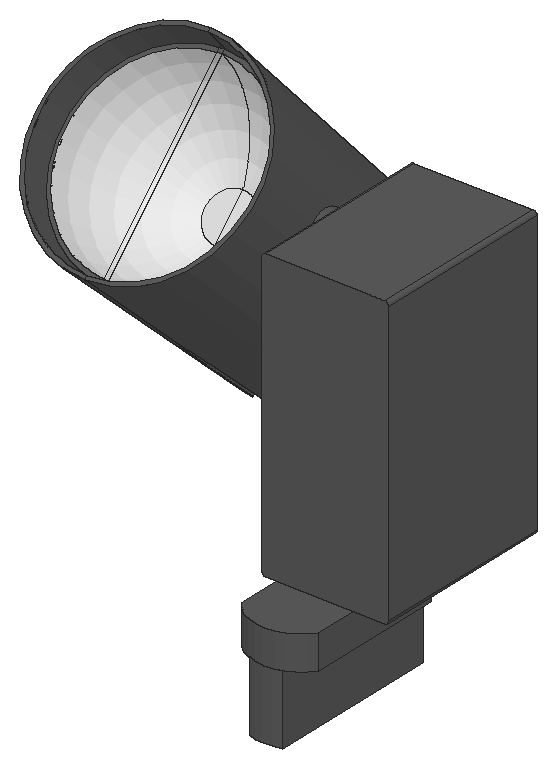
Revit family "0004887 Feilo Sylvania Lighting Fixture START TRACK SPOT S 24W 3K RA90 MB BLACK", category Lighting Fixtures, host Face, Revit 2017 (continued)
Definition of nested family "Start Track Spot Head"
  Types (96, lengths in mm): name | Wattage | built-in parameter 1150134 | Photometric Web File | Model | built-in parameter 1150105 | Lumens | built-in parameter 1150107 | built-in parameter 1150106 | HeadThickness_FEILO | HeadRibOffset_FEILO | HeadRibDepth_FEILO | HeadRibCutWidth_FEILO | HeadRibCutOffset_FEILO | HeadReflectorRadius_FEILO | HeadReflectorOffset_FEILO | HeadLEDRadius_FEILO | HeadHeight_FEILO | HeadDiffusorOffset_FEILO | HeadDiaOut_FEILO | HeadDiaIn_FEILO | HeadAxisFromTop_FEILO | Emit from Circle Diameter | built-in parameter 1150104 | Description | Apparent Load
    0004864 START TRACK SPOT S 24W 3K RA90 WB WHITE | 24 W | (empty or 0) | "0004864.ies" | "START TRACK SPOT S 24W 3K RA90 WB WHITE" | 152.79 (stored number, unit not read) | 1920 lm | 3000 (stored number, unit not read) | 1.5279 (stored number, unit not read) | 1.5 | 4.179 | 55.714 | 7.167 | 50.87 | 50.588 | 55.714 | 9.556 | 117 | 9.435 | 86 | 77.477 | 69.354 | 77.477 | 7.4322 (stored number, unit not read) | "Integrated LED spotlight, Textured White - RAL9016, compact and minimalist design, ideal for retail applications, die-cast aluminium body, passive cooling heatsink. Beam angle: 64°, color temperature: 3000K , total system power: 24W, total fixture output: 1928 lm, LOR: 100%, colour rendering: Ra: 90 typical, LED Chromaticity: 3 step MacAdam ellipse, lifetime: >50000 hours at L70B50, energy class: A++, A+, A, IR/UV free light source without heat radiation, operating voltage: 220-240V / 50-60Hz, drive current: 600mA, electronic driver, non-dimmable, power factor: 0.95, electrical protection: Class II, Global Track 3 Phase adapter suitable for Global trac 3-circuit tracks, ingress protection rating: IP20, suitable for internal environment only, horizontal rotation: 355°, vertical tilt: 90°, dimensions: Ø86x140x200, weight: 0.966kg." | 24 VA
    0004863 START TRACK SPOT S 24W 3K RA90 MB WHITE | 24 W | (empty or 0) | "0004863.ies" | "START TRACK SPOT S 24W 3K RA90 MB WHITE" | 154.7 (stored number, unit not read) | 1944 lm | 3000 (stored number, unit not read) | 1.547 (stored number, unit not read) | 1.5 | 4.179 | 55.714 | 7.167 | 50.87 | 50.588 | 55.714 | 9.556 | 117 | 9.435 | 86 | 77.477 | 69.354 | 77.477 | 7.5251 (stored number, unit not read) | "Integrated LED spotlight, Textured White - RAL9016, compact and minimalist design, ideal for retail applications, die-cast aluminium body, passive cooling heatsink. Beam angle: 36°, color temperature: 3000K , total system power: 24W, total fixture output: 1944 lm, LOR: 100%, colour rendering: Ra: 90 typical, LED Chromaticity: 3 step MacAdam ellipse, lifetime: >50000 hours at L70B50, energy class: A++, A+, A, IR/UV free light source without heat radiation, operating voltage: 220-240V / 50-60Hz, drive current: 600mA, electronic driver, non-dimmable, power factor: 0.95, electrical protection: Class II, Global Track 3 Phase adapter suitable for Global trac 3-circuit tracks, ingress protection rating: IP20, suitable for internal environment only, horizontal rotation: 355°, vertical tilt: 90°, dimensions: Ø86x140x200, weight: 0.966kg." | 24 VA
    0004862 START TRACK SPOT S 24W 3K RA90 NB WHITE | 24 W | (empty or 0) | "0004862.ies" | "START TRACK SPOT S 24W 3K RA90 NB WHITE" | 158.52 (stored number, unit not read) | 1992 lm | 3000 (stored number, unit not read) | 1.5852 (stored number, unit not read) | 1.5 | 4.179 | 55.714 | 7.167 | 50.87 | 50.588 | 55.714 | 9.556 | 117 | 9.435 | 86 | 77.477 | 69.354 | 77.477 | 7.711 (stored number, unit not read) | "Integrated LED spotlight, Textured White - RAL9016, compact and minimalist design, ideal for retail applications, die-cast aluminium body, passive cooling heatsink. Beam angle: 12°, color temperature: 3000K , total system power: 24W, total fixture output: 1987 lm, LOR: 100%, colour rendering: Ra: 90 typical, LED Chromaticity: 3 step MacAdam ellipse, lifetime: >50000 hours at L70B50, energy class: A++, A+, A, IR/UV free light source without heat radiation, operating voltage: 220-240V / 50-60Hz, drive current: 600mA, electronic driver, non-dimmable, power factor: 0.95, electrical protection: Class II, Global Track 3 Phase adapter suitable for Global trac 3-circuit tracks, ingress protection rating: IP20, suitable for internal environment only, horizontal rotation: 355°, vertical tilt: 90°, dimensions: Ø86x140x200, weight: 0.966kg." | 24 VA
    0004861 START TRACK SPOT S 14W 3K RA90 WB WHITE | 14 W | (empty or 0) | "0004861.ies" | "START TRACK SPOT S 14W 3K RA90 WB WHITE" | 100.27 (stored number, unit not read) | 1260 lm | 3000 (stored number, unit not read) | 1.0027 (stored number, unit not read) | 1.5 | 4.179 | 55.714 | 7.167 | 50.87 | 50.588 | 55.714 | 9.556 | 117 | 9.435 | 86 | 77.477 | 69.354 | 77.477 | 8.3613 (stored number, unit not read) | "Integrated LED spotlight, Textured White - RAL9016, compact and minimalist design, ideal for retail applications, die-cast aluminium body, passive cooling heatsink. Beam angle: 64°, color temperature: 3000K , total system power: 14W, total fixture output: 1262 lm, LOR: 100%, colour rendering: Ra: 90 typical, LED Chromaticity: 3 step MacAdam ellipse, lifetime: >50000 hours at L70B50, energy class: A++, A+, A, IR/UV free light source without heat radiation, operating voltage: 220-240V / 50-60Hz, drive current: 350mA, electronic driver, non-dimmable, power factor: 0.92, electrical protection: Class II, Global Track 3 Phase adapter suitable for Global trac 3-circuit tracks, ingress protection rating: IP20, suitable for internal environment only, horizontal rotation: 355°, vertical tilt: 90°, dimensions: Ø86x140x200, weight: 0.940kg." | 14 VA
    0004860 START TRACK SPOT S 14W 3K RA90 MB WHITE | 14 W | (empty or 0) | "0004860.ies" | "START TRACK SPOT S 14W 3K RA90 MB WHITE" | 100.27 (stored number, unit not read) | 1260 lm | 3000 (stored number, unit not read) | 1.0027 (stored number, unit not read) | 1.5 | 4.179 | 55.714 | 7.167 | 50.87 | 50.588 | 55.714 | 9.556 | 117 | 9.435 | 86 | 77.477 | 69.354 | 77.477 | 8.3613 (stored number, unit not read) | "Integrated LED spotlight, Textured White - RAL9016, compact and minimalist design, ideal for retail applications, die-cast aluminium body, passive cooling heatsink. Beam angle: 36°, color temperature: 3000K , total system power: 14W, total fixture output: 1262 lm, LOR: 100%, colour rendering: Ra: 90 typical, LED Chromaticity: 3 step MacAdam ellipse, lifetime: >50000 hours at L70B50, energy class: A++, A+, A, IR/UV free light source without heat radiation, operating voltage: 220-240V / 50-60Hz, drive current: 350mA, electronic driver, non-dimmable, power factor: 0.92, electrical protection: Class II, Global Track 3 Phase adapter suitable for Global trac 3-circuit tracks, ingress protection rating: IP20, suitable for internal environment only, horizontal rotation: 355°, vertical tilt: 90°, dimensions: Ø86x140x200, weight: 0.940kg." | 14 VA
    0004859 START TRACK SPOT S 14W 3K RA90 NB WHITE | 14 W | (empty or 0) | "0004859.ies" | "START TRACK SPOT S 14W 3K RA90 NB WHITE" | 102.5 (stored number, unit not read) | 1288 lm | 3000 (stored number, unit not read) | 1.025 (stored number, unit not read) | 1.5 | 4.179 | 55.714 | 7.167 | 50.87 | 50.588 | 55.714 | 9.556 | 117 | 9.435 | 86 | 77.477 | 69.354 | 77.477 | 8.5471 (stored number, unit not read) | "Integrated LED spotlight, Textured White - RAL9016, compact and minimalist design, ideal for retail applications, die-cast aluminium body, passive cooling heatsink. Beam angle: 12°, color temperature: 3000K , total system power: 14W, total fixture output: 1284 lm, LOR: 100%, colour rendering: Ra: 90 typical, LED Chromaticity: 3 step MacAdam ellipse, lifetime: >50000 hours at L70B50, energy class: A++, A+, A, IR/UV free light source without heat radiation, operating voltage: 220-240V / 50-60Hz, drive current: 350mA, electronic driver, non-dimmable, power factor: 0.92, electrical protection: Class II, Global Track 3 Phase adapter suitable for Global trac 3-circuit tracks, ingress protection rating: IP20, suitable for internal environment only, horizontal rotation: 355°, vertical tilt: 90°, dimensions: Ø86x140x200, weight: 0.940kg." | 14 VA
    0004858 START TRACK SPOT L 55W 4K RA80 WB BLACK | 55 W | 12 | "0004858.ies" | "START TRACK SPOT L 55W 4K RA80 WB BLACK" | 424.55 (stored number, unit not read) | 5335 lm | 4000 (stored number, unit not read) | 4.2455 (stored number, unit not read) | 2 | 4.429 | 59.048 | 9.417 | 53.913 | 66.471 | 59.048 | 12.556 | 124 | 10 | 113 | 101.802 | 73.503 | 101.802 | 9.0116 (stored number, unit not read) | "Integrated LED spotlight, Textured Black - RAL9005, compact and minimalist design, ideal for retail applications, die-cast aluminium body, passive cooling heatsink. Beam angle: 52°, color temperature: 4000K , total system power: 55W, total fixture output: 5320 lm, LOR: 100%, colour rendering: Ra: 80 typical, LED Chromaticity: 3 step MacAdam ellipse, lifetime: >50000 hours at L70B50, energy class: A++, A+, A, IR/UV free light source without heat radiation, operating voltage: 220-240V / 50-60Hz, drive current: 1400mA, electronic driver, non-dimmable, power factor: 0.96, electrical protection: Class II, Global Track 3 Phase adapter suitable for Global trac 3-circuit tracks, ingress protection rating: IP20, suitable for internal environment only, horizontal rotation: 355°, vertical tilt: 90°, dimensions: Ø113x164x240, weight: 1.398kg." | 55 VA
    0004857 START TRACK SPOT L 55W 4K RA80 MB BLACK | 55 W | 12 | "0004857.ies" | "START TRACK SPOT L 55W 4K RA80 MB BLACK" | 428.92 (stored number, unit not read) | 5390 lm | 4000 (stored number, unit not read) | 4.2892 (stored number, unit not read) | 2 | 4.429 | 59.048 | 9.417 | 53.913 | 66.471 | 59.048 | 12.556 | 124 | 10 | 113 | 101.802 | 73.503 | 101.802 | 9.1045 (stored number, unit not read) | "Integrated LED spotlight, Textured Black - RAL9005, compact and minimalist design, ideal for retail applications, die-cast aluminium body, passive cooling heatsink. Beam angle: 38°, color temperature: 4000K , total system power: 55W, total fixture output: 5378 lm, LOR: 100%, colour rendering: Ra: 80 typical, LED Chromaticity: 3 step MacAdam ellipse, lifetime: >50000 hours at L70B50, energy class: A++, A+, A, IR/UV free light source without heat radiation, operating voltage: 220-240V / 50-60Hz, drive current: 1400mA, electronic driver, non-dimmable, power factor: 0.96, electrical protection: Class II, Global Track 3 Phase adapter suitable for Global trac 3-circuit tracks, ingress protection rating: IP20, suitable for internal environment only, horizontal rotation: 355°, vertical tilt: 90°, dimensions: Ø113x164x240, weight: 1.398kg." | 55 VA
    0004856 START TRACK SPOT L 55W 4K RA80 NB BLACK | 55 W | 12 | "0004856.ies" | "START TRACK SPOT L 55W 4K RA80 NB BLACK" | 433.3 (stored number, unit not read) | 5445 lm | 4000 (stored number, unit not read) | 4.333 (stored number, unit not read) | 2 | 4.429 | 59.048 | 9.417 | 53.913 | 66.471 | 59.048 | 12.556 | 124 | 10 | 113 | 101.802 | 73.503 | 101.802 | 9.1974 (stored number, unit not read) | "Integrated LED spotlight, Textured Black - RAL9005, compact and minimalist design, ideal for retail applications, die-cast aluminium body, passive cooling heatsink. Beam angle: 15°, color temperature: 4000K , total system power: 55W, total fixture output: 5426 lm, LOR: 100%, colour rendering: Ra: 80 typical, LED Chromaticity: 3 step MacAdam ellipse, lifetime: >50000 hours at L70B50, energy class: A++, A+, A, IR/UV free light source without heat radiation, operating voltage: 220-240V / 50-60Hz, drive current: 1400mA, electronic driver, non-dimmable, power factor: 0.96, electrical protection: Class II, Global Track 3 Phase adapter suitable for Global trac 3-circuit tracks, ingress protection rating: IP20, suitable for internal environment only, horizontal rotation: 355°, vertical tilt: 90°, dimensions: Ø113x164x240, weight: 1.398kg." | 55 VA
    0004855 START TRACK SPOT L 35W 4K RA80 WB BLACK | 35 W | 12 | "0004855.ies" | "START TRACK SPOT L 35W 4K RA80 WB BLACK" | 320.3 (stored number, unit not read) | 4025 lm | 4000 (stored number, unit not read) | 3.203 (stored number, unit not read) | 2 | 4.429 | 59.048 | 9.417 | 53.913 | 66.471 | 59.048 | 12.556 | 124 | 10 | 113 | 101.802 | 73.503 | 101.802 | 10.684 (stored number, unit not read) | "Integrated LED spotlight, Textured Black - RAL9005, compact and minimalist design, ideal for retail applications, die-cast aluminium body, passive cooling heatsink. Beam angle: 52°, color temperature: 4000K , total system power: 35W, total fixture output: 4010 lm, LOR: 100%, colour rendering: Ra: 80 typical, LED Chromaticity: 3 step MacAdam ellipse, lifetime: >50000 hours at L70B50, energy class: A++, A+, A, IR/UV free light source without heat radiation, operating voltage: 220-240V / 50-60Hz, drive current: 900mA, electronic driver, non-dimmable, power factor: 0.93, electrical protection: Class II, Global Track 3 Phase adapter suitable for Global trac 3-circuit tracks, ingress protection rating: IP20, suitable for internal environment only, horizontal rotation: 355°, vertical tilt: 90°, dimensions: Ø113x164x240, weight: 1.368kg." | 35 VA
    0004854 START TRACK SPOT L 35W 4K RA80 MB BLACK | 35 W | 12 | "0004854.ies" | "START TRACK SPOT L 35W 4K RA80 MB BLACK" | 320.3 (stored number, unit not read) | 4025 lm | 4000 (stored number, unit not read) | 3.203 (stored number, unit not read) | 2 | 4.429 | 59.048 | 9.417 | 53.913 | 66.471 | 59.048 | 12.556 | 124 | 10 | 113 | 101.802 | 73.503 | 101.802 | 10.684 (stored number, unit not read) | "Integrated LED spotlight, Textured Black - RAL9005, compact and minimalist design, ideal for retail applications, die-cast aluminium body, passive cooling heatsink. Beam angle: 38°, color temperature: 4000K , total system power: 35W, total fixture output: 4017 lm, LOR: 100%, colour rendering: Ra: 80 typical, LED Chromaticity: 3 step MacAdam ellipse, lifetime: >50000 hours at L70B50, energy class: A++, A+, A, IR/UV free light source without heat radiation, operating voltage: 220-240V / 50-60Hz, drive current: 900mA, electronic driver, non-dimmable, power factor: 0.93, electrical protection: Class II, Global Track 3 Phase adapter suitable for Global trac 3-circuit tracks, ingress protection rating: IP20, suitable for internal environment only, horizontal rotation: 355°, vertical tilt: 90°, dimensions: Ø113x164x240, weight: 1.368kg." | 35 VA
    0004853 START TRACK SPOT L 35W 4K RA80 NB BLACK | 35 W | 12 | "0004853.ies" | "START TRACK SPOT L 35W 4K RA80 NB BLACK" | 331.44 (stored number, unit not read) | 4165 lm | 4000 (stored number, unit not read) | 3.3144 (stored number, unit not read) | 2 | 4.429 | 59.048 | 9.417 | 53.913 | 66.471 | 59.048 | 12.556 | 124 | 10 | 113 | 101.802 | 73.503 | 101.802 | 11.055 (stored number, unit not read) | "Integrated LED spotlight, Textured Black - RAL9005, compact and minimalist design, ideal for retail applications, die-cast aluminium body, passive cooling heatsink. Beam angle: 15°, color temperature: 4000K , total system power: 35W, total fixture output: 4174 lm, LOR: 100%, colour rendering: Ra: 80 typical, LED Chromaticity: 3 step MacAdam ellipse, lifetime: >50000 hours at L70B50, energy class: A++, A+, A, IR/UV free light source without heat radiation, operating voltage: 220-240V / 50-60Hz, drive current: 900mA, electronic driver, non-dimmable, power factor: 0.93, electrical protection: Class II, Global Track 3 Phase adapter suitable for Global trac 3-circuit tracks, ingress protection rating: IP20, suitable for internal environment only, horizontal rotation: 355°, vertical tilt: 90°, dimensions: Ø113x164x240, weight: 1.368kg." | 35 VA
    0004852 START TRACK SPOT S 24W 4K RA80 WB BLACK | 24 W | 12 | "0004852.ies" | "START TRACK SPOT S 24W 4K RA80 WB BLACK" | 196.72 (stored number, unit not read) | 2472 lm | 4000 (stored number, unit not read) | 1.9672 (stored number, unit not read) | 1.5 | 4.179 | 55.714 | 7.167 | 50.87 | 50.588 | 55.714 | 9.556 | 117 | 9.435 | 86 | 77.477 | 69.354 | 77.477 | 9.569 (stored number, unit not read) | "Integrated LED spotlight, Textured Black - RAL9005, compact and minimalist design, ideal for retail applications, die-cast aluminium body, passive cooling heatsink. Beam angle: 64°, color temperature: 4000K , total system power: 24W, total fixture output: 2476 lm, LOR: 100%, colour rendering: Ra: 80 typical, LED Chromaticity: 3 step MacAdam ellipse, lifetime: >50000 hours at L70B50, energy class: A++, A+, A, IR/UV free light source without heat radiation, operating voltage: 220-240V / 50-60Hz, drive current: 600mA, electronic driver, non-dimmable, power factor: 0.95, electrical protection: Class II, Global Track 3 Phase adapter suitable for Global trac 3-circuit tracks, ingress protection rating: IP20, suitable for internal environment only, horizontal rotation: 355°, vertical tilt: 90°, dimensions: Ø86x140x200, weight: 0.966kg." | 24 VA
    0004851 START TRACK SPOT S 24W 4K RA80 MB BLACK | 24 W | 12 | "0004851.ies" | "START TRACK SPOT S 24W 4K RA80 MB BLACK" | 198.63 (stored number, unit not read) | 2496 lm | 4000 (stored number, unit not read) | 1.9863 (stored number, unit not read) | 1.5 | 4.179 | 55.714 | 7.167 | 50.87 | 50.588 | 55.714 | 9.556 | 117 | 9.435 | 86 | 77.477 | 69.354 | 77.477 | 9.6619 (stored number, unit not read) | "Integrated LED spotlight, Textured Black - RAL9005, compact and minimalist design, ideal for retail applications, die-cast aluminium body, passive cooling heatsink. Beam angle: 36°, color temperature: 4000K , total system power: 24W, total fixture output: 2487 lm, LOR: 100%, colour rendering: Ra: 80 typical, LED Chromaticity: 3 step MacAdam ellipse, lifetime: >50000 hours at L70B50, energy class: A++, A+, A, IR/UV free light source without heat radiation, operating voltage: 220-240V / 50-60Hz, drive current: 600mA, electronic driver, non-dimmable, power factor: 0.95, electrical protection: Class II, Global Track 3 Phase adapter suitable for Global trac 3-circuit tracks, ingress protection rating: IP20, suitable for internal environment only, horizontal rotation: 355°, vertical tilt: 90°, dimensions: Ø86x140x200, weight: 0.966kg." | 24 VA
    0004850 START TRACK SPOT S 24W 4K RA80 NB BLACK | 24 W | 12 | "0004850.ies" | "START TRACK SPOT S 24W 4K RA80 NB BLACK" | 200.54 (stored number, unit not read) | 2520 lm | 4000 (stored number, unit not read) | 2.0054 (stored number, unit not read) | 1.5 | 4.179 | 55.714 | 7.167 | 50.87 | 50.588 | 55.714 | 9.556 | 117 | 9.435 | 86 | 77.477 | 69.354 | 77.477 | 9.7548 (stored number, unit not read) | "Integrated LED spotlight, Textured Black - RAL9005, compact and minimalist design, ideal for retail applications, die-cast aluminium body, passive cooling heatsink. Beam angle: 12°, color temperature: 4000K , total system power: 24W, total fixture output: 2529 lm, LOR: 100%, colour rendering: Ra: 80 typical, LED Chromaticity: 3 step MacAdam ellipse, lifetime: >50000 hours at L70B50, energy class: A++, A+, A, IR/UV free light source without heat radiation, operating voltage: 220-240V / 50-60Hz, drive current: 600mA, electronic driver, non-dimmable, power factor: 0.95, electrical protection: Class II, Global Track 3 Phase adapter suitable for Global trac 3-circuit tracks, ingress protection rating: IP20, suitable for internal environment only, horizontal rotation: 355°, vertical tilt: 90°, dimensions: Ø86x140x200, weight: 0.966kg." | 24 VA
    0004849 START TRACK SPOT S 14W 4K RA80 WB BLACK | 14 W | 12 | "0004849.ies" | "START TRACK SPOT S 14W 4K RA80 WB BLACK" | 123.66 (stored number, unit not read) | 1554 lm | 4000 (stored number, unit not read) | 1.2366 (stored number, unit not read) | 1.5 | 4.179 | 55.714 | 7.167 | 50.87 | 50.588 | 55.714 | 9.556 | 117 | 9.435 | 86 | 77.477 | 69.354 | 77.477 | 10.312 (stored number, unit not read) | "Integrated LED spotlight, Textured Black - RAL9005, compact and minimalist design, ideal for retail applications, die-cast aluminium body, passive cooling heatsink. Beam angle: 64°, color temperature: 4000K , total system power: 14W, total fixture output: 1558 lm, LOR: 100%, colour rendering: Ra: 80 typical, LED Chromaticity: 3 step MacAdam ellipse, lifetime: >50000 hours at L70B50, energy class: A++, A+, A, IR/UV free light source without heat radiation, operating voltage: 220-240V / 50-60Hz, drive current: 350mA, electronic driver, non-dimmable, power factor: 0.92, electrical protection: Class II, Global Track 3 Phase adapter suitable for Global trac 3-circuit tracks, ingress protection rating: IP20, suitable for internal environment only, horizontal rotation: 355°, vertical tilt: 90°, dimensions: Ø86x140x200, weight: 0.940kg." | 14 VA
    0004848 START TRACK SPOT S 14W 4K RA80 MB BLACK | 14 W | 12 | "0004848.ies" | "START TRACK SPOT S 14W 4K RA80 MB BLACK" | 127.01 (stored number, unit not read) | 1596 lm | 4000 (stored number, unit not read) | 1.2701 (stored number, unit not read) | 1.5 | 4.179 | 55.714 | 7.167 | 50.87 | 50.588 | 55.714 | 9.556 | 117 | 9.435 | 86 | 77.477 | 69.354 | 77.477 | 10.591 (stored number, unit not read) | "Integrated LED spotlight, Textured Black - RAL9005, compact and minimalist design, ideal for retail applications, die-cast aluminium body, passive cooling heatsink. Beam angle: 36°, color temperature: 4000K , total system power: 14W, total fixture output: 1598 lm, LOR: 100%, colour rendering: Ra: 80 typical, LED Chromaticity: 3 step MacAdam ellipse, lifetime: >50000 hours at L70B50, energy class: A++, A+, A, IR/UV free light source without heat radiation, operating voltage: 220-240V / 50-60Hz, drive current: 350mA, electronic driver, non-dimmable, power factor: 0.92, electrical protection: Class II, Global Track 3 Phase adapter suitable for Global trac 3-circuit tracks, ingress protection rating: IP20, suitable for internal environment only, horizontal rotation: 355°, vertical tilt: 90°, dimensions: Ø86x140x200, weight: 0.940kg." | 14 VA
    0004847 START TRACK SPOT S 14W 4K RA80 NB BLACK | 14 W | 12 | "0004847.ies" | "START TRACK SPOT S 14W 4K RA80 NB BLACK" | 128.12 (stored number, unit not read) | 1610 lm | 4000 (stored number, unit not read) | 1.2812 (stored number, unit not read) | 1.5 | 4.179 | 55.714 | 7.167 | 50.87 | 50.588 | 55.714 | 9.556 | 117 | 9.435 | 86 | 77.477 | 69.354 | 77.477 | 10.684 (stored number, unit not read) | "Integrated LED spotlight, Textured Black - RAL9005, compact and minimalist design, ideal for retail applications, die-cast aluminium body, passive cooling heatsink. Beam angle: 12°, color temperature: 4000K , total system power: 14W, total fixture output: 1608 lm, LOR: 100%, colour rendering: Ra: 80 typical, LED Chromaticity: 3 step MacAdam ellipse, lifetime: >50000 hours at L70B50, energy class: A++, A+, A, IR/UV free light source without heat radiation, operating voltage: 220-240V / 50-60Hz, drive current: 350mA, electronic driver, non-dimmable, power factor: 0.92, electrical protection: Class II, Global Track 3 Phase adapter suitable for Global trac 3-circuit tracks, ingress protection rating: IP20, suitable for internal environment only, horizontal rotation: 355°, vertical tilt: 90°, dimensions: Ø86x140x200, weight: 0.940kg." | 14 VA
    0004846 START TRACK SPOT L 55W 3K RA80 WB BLACK | 55 W | (empty or 0) | "0004846.ies" | "START TRACK SPOT L 55W 3K RA80 WB BLACK" | 420.17 (stored number, unit not read) | 5280 lm | 3000 (stored number, unit not read) | 4.2017 (stored number, unit not read) | 2 | 4.429 | 59.048 | 9.417 | 53.913 | 66.471 | 59.048 | 12.556 | 124 | 10 | 113 | 101.802 | 73.503 | 101.802 | 8.9187 (stored number, unit not read) | "Integrated LED spotlight, Textured Black - RAL9005, compact and minimalist design, ideal for retail applications, die-cast aluminium body, passive cooling heatsink. Beam angle: 52°, color temperature: 3000K , total system power: 55W, total fixture output: 5298 lm, LOR: 100%, colour rendering: Ra: 80 typical, LED Chromaticity: 3 step MacAdam ellipse, lifetime: >50000 hours at L70B50, energy class: A++, A+, A, IR/UV free light source without heat radiation, operating voltage: 220-240V / 50-60Hz, drive current: 1400mA, electronic driver, non-dimmable, power factor: 0.96, electrical protection: Class II, Global Track 3 Phase adapter suitable for Global trac 3-circuit tracks, ingress protection rating: IP20, suitable for internal environment only, horizontal rotation: 355°, vertical tilt: 90°, dimensions: Ø113x164x240, weight: 1.398kg." | 55 VA
    0004845 START TRACK SPOT L 55W 3K RA80 MB BLACK | 55 W | (empty or 0) | "0004845.ies" | "START TRACK SPOT L 55W 3K RA80 MB BLACK" | 428.92 (stored number, unit not read) | 5390 lm | 3000 (stored number, unit not read) | 4.2892 (stored number, unit not read) | 2 | 4.429 | 59.048 | 9.417 | 53.913 | 66.471 | 59.048 | 12.556 | 124 | 10 | 113 | 101.802 | 73.503 | 101.802 | 9.1045 (stored number, unit not read) | "Integrated LED spotlight, Textured Black - RAL9005, compact and minimalist design, ideal for retail applications, die-cast aluminium body, passive cooling heatsink. Beam angle: 38°, color temperature: 3000K , total system power: 55W, total fixture output: 5381 lm, LOR: 100%, colour rendering: Ra: 80 typical, LED Chromaticity: 3 step MacAdam ellipse, lifetime: >50000 hours at L70B50, energy class: A++, A+, A, IR/UV free light source without heat radiation, operating voltage: 220-240V / 50-60Hz, drive current: 1400mA, electronic driver, non-dimmable, power factor: 0.96, electrical protection: Class II, Global Track 3 Phase adapter suitable for Global trac 3-circuit tracks, ingress protection rating: IP20, suitable for internal environment only, horizontal rotation: 355°, vertical tilt: 90°, dimensions: Ø113x164x240, weight: 1.398kg." | 55 VA
    0004844 START TRACK SPOT L 55W 3K RA80 NB BLACK | 55 W | (empty or 0) | "0004844.ies" | "START TRACK SPOT L 55W 3K RA80 NB BLACK" | 433.3 (stored number, unit not read) | 5445 lm | 3000 (stored number, unit not read) | 4.333 (stored number, unit not read) | 2 | 4.429 | 59.048 | 9.417 | 53.913 | 66.471 | 59.048 | 12.556 | 124 | 10 | 113 | 101.802 | 73.503 | 101.802 | 9.1974 (stored number, unit not read) | "Integrated LED spotlight, Textured Black - RAL9005, compact and minimalist design, ideal for retail applications, die-cast aluminium body, passive cooling heatsink. Beam angle: 15°, color temperature: 3000K , total system power: 55W, total fixture output: 5449 lm, LOR: 100%, colour rendering: Ra: 80 typical, LED Chromaticity: 3 step MacAdam ellipse, lifetime: >50000 hours at L70B50, energy class: A++, A+, A, IR/UV free light source without heat radiation, operating voltage: 220-240V / 50-60Hz, drive current: 1400mA, electronic driver, non-dimmable, power factor: 0.96, electrical protection: Class II, Global Track 3 Phase adapter suitable for Global trac 3-circuit tracks, ingress protection rating: IP20, suitable for internal environment only, horizontal rotation: 355°, vertical tilt: 90°, dimensions: Ø113x164x240, weight: 1.398kg." | 55 VA
    0004843 START TRACK SPOT L 35W 3K RA80 WB BLACK | 35 W | (empty or 0) | "0004843.ies" | "START TRACK SPOT L 35W 3K RA80 WB BLACK" | 314.73 (stored number, unit not read) | 3955 lm | 3000 (stored number, unit not read) | 3.1473 (stored number, unit not read) | 2 | 4.429 | 59.048 | 9.417 | 53.913 | 66.471 | 59.048 | 12.556 | 124 | 10 | 113 | 101.802 | 73.503 | 101.802 | 10.498 (stored number, unit not read) | "Integrated LED spotlight, Textured Black - RAL9005, compact and minimalist design, ideal for retail applications, die-cast aluminium body, passive cooling heatsink. Beam angle: 52°, color temperature: 3000K , total system power: 35W, total fixture output: 3943 lm, LOR: 100%, colour rendering: Ra: 80 typical, LED Chromaticity: 3 step MacAdam ellipse, lifetime: >50000 hours at L70B50, energy class: A++, A+, A, IR/UV free light source without heat radiation, operating voltage: 220-240V / 50-60Hz, drive current: 900mA, electronic driver, non-dimmable, power factor: 0.93, electrical protection: Class II, Global Track 3 Phase adapter suitable for Global trac 3-circuit tracks, ingress protection rating: IP20, suitable for internal environment only, horizontal rotation: 355°, vertical tilt: 90°, dimensions: Ø113x164x240, weight: 1.368kg." | 35 VA
    0004842 START TRACK SPOT L 35W 3K RA80 MB BLACK | 35 W | (empty or 0) | "0004842.ies" | "START TRACK SPOT L 35W 3K RA80 MB BLACK" | 320.3 (stored number, unit not read) | 4025 lm | 3000 (stored number, unit not read) | 3.203 (stored number, unit not read) | 2 | 4.429 | 59.048 | 9.417 | 53.913 | 66.471 | 59.048 | 12.556 | 124 | 10 | 113 | 101.802 | 73.503 | 101.802 | 10.684 (stored number, unit not read) | "Integrated LED spotlight, Textured Black - RAL9005, compact and minimalist design, ideal for retail applications, die-cast aluminium body, passive cooling heatsink. Beam angle: 38°, color temperature: 3000K , total system power: 35W, total fixture output: 4008 lm, LOR: 100%, colour rendering: Ra: 80 typical, LED Chromaticity: 3 step MacAdam ellipse, lifetime: >50000 hours at L70B50, energy class: A++, A+, A, IR/UV free light source without heat radiation, operating voltage: 220-240V / 50-60Hz, drive current: 900mA, electronic driver, non-dimmable, power factor: 0.93, electrical protection: Class II, Global Track 3 Phase adapter suitable for Global trac 3-circuit tracks, ingress protection rating: IP20, suitable for internal environment only, horizontal rotation: 355°, vertical tilt: 90°, dimensions: Ø113x164x240, weight: 1.368kg." | 35 VA
    0004841 START TRACK SPOT L 35W 3K RA80 NB BLACK | 35 W | (empty or 0) | "0004841.ies" | "START TRACK SPOT L 35W 3K RA80 NB BLACK" | 317.51 (stored number, unit not read) | 3990 lm | 3000 (stored number, unit not read) | 3.1751 (stored number, unit not read) | 2 | 4.429 | 59.048 | 9.417 | 53.913 | 66.471 | 59.048 | 12.556 | 124 | 10 | 113 | 101.802 | 73.503 | 101.802 | 10.591 (stored number, unit not read) | "Integrated LED spotlight, Textured Black - RAL9005, compact and minimalist design, ideal for retail applications, die-cast aluminium body, passive cooling heatsink. Beam angle: 15°, color temperature: 3000K , total system power: 35W, total fixture output: 4005 lm, LOR: 100%, colour rendering: Ra: 80 typical, LED Chromaticity: 3 step MacAdam ellipse, lifetime: >50000 hours at L70B50, energy class: A++, A+, A, IR/UV free light source without heat radiation, operating voltage: 220-240V / 50-60Hz, drive current: 900mA, electronic driver, non-dimmable, power factor: 0.93, electrical protection: Class II, Global Track 3 Phase adapter suitable for Global trac 3-circuit tracks, ingress protection rating: IP20, suitable for internal environment only, horizontal rotation: 355°, vertical tilt: 90°, dimensions: Ø113x164x240, weight: 1.368kg." | 35 VA
    0004840 START TRACK SPOT S 24W 3K RA80 WB BLACK | 24 W | (empty or 0) | "0004840.ies" | "START TRACK SPOT S 24W 3K RA80 WB BLACK" | 185.26 (stored number, unit not read) | 2328 lm | 3000 (stored number, unit not read) | 1.8526 (stored number, unit not read) | 1.5 | 4.179 | 55.714 | 7.167 | 50.87 | 50.588 | 55.714 | 9.556 | 117 | 9.435 | 86 | 77.477 | 69.354 | 77.477 | 9.0116 (stored number, unit not read) | "Integrated LED spotlight, Textured Black - RAL9005, compact and minimalist design, ideal for retail applications, die-cast aluminium body, passive cooling heatsink. Beam angle: 64°, color temperature: 3000K , total system power: 24W, total fixture output: 2318 lm, LOR: 100%, colour rendering: Ra: 80 typical, LED Chromaticity: 3 step MacAdam ellipse, lifetime: >50000 hours at L70B50, energy class: A++, A+, A, IR/UV free light source without heat radiation, operating voltage: 220-240V / 50-60Hz, drive current: 600mA, electronic driver, non-dimmable, power factor: 0.95, electrical protection: Class II, Global Track 3 Phase adapter suitable for Global trac 3-circuit tracks, ingress protection rating: IP20, suitable for internal environment only, horizontal rotation: 355°, vertical tilt: 90°, dimensions: Ø86x140x200, weight: 0.966kg." | 24 VA
    0004839 START TRACK SPOT S 24W 3K RA80 MB BLACK | 24 W | (empty or 0) | "0004839.ies" | "START TRACK SPOT S 24W 3K RA80 MB BLACK" | 183.35 (stored number, unit not read) | 2304 lm | 3000 (stored number, unit not read) | 1.8335 (stored number, unit not read) | 1.5 | 4.179 | 55.714 | 7.167 | 50.87 | 50.588 | 55.714 | 9.556 | 117 | 9.435 | 86 | 77.477 | 69.354 | 77.477 | 8.9187 (stored number, unit not read) | "Integrated LED spotlight, Textured Black - RAL9005, compact and minimalist design, ideal for retail applications, die-cast aluminium body, passive cooling heatsink. Beam angle: 36°, color temperature: 3000K , total system power: 24W, total fixture output: 2314 lm, LOR: 100%, colour rendering: Ra: 80 typical, LED Chromaticity: 3 step MacAdam ellipse, lifetime: >50000 hours at L70B50, energy class: A++, A+, A, IR/UV free light source without heat radiation, operating voltage: 220-240V / 50-60Hz, drive current: 600mA, electronic driver, non-dimmable, power factor: 0.95, electrical protection: Class II, Global Track 3 Phase adapter suitable for Global trac 3-circuit tracks, ingress protection rating: IP20, suitable for internal environment only, horizontal rotation: 355°, vertical tilt: 90°, dimensions: Ø86x140x200, weight: 0.966kg." | 24 VA
    0004838 START TRACK SPOT S 24W 3K RA80 NB BLACK | 24 W | (empty or 0) | "0004838.ies" | "START TRACK SPOT S 24W 3K RA80 NB BLACK" | 185.26 (stored number, unit not read) | 2328 lm | 3000 (stored number, unit not read) | 1.8526 (stored number, unit not read) | 1.5 | 4.179 | 55.714 | 7.167 | 50.87 | 50.588 | 55.714 | 9.556 | 117 | 9.435 | 86 | 77.477 | 69.354 | 77.477 | 9.0116 (stored number, unit not read) | "Integrated LED spotlight, Textured Black - RAL9005, compact and minimalist design, ideal for retail applications, die-cast aluminium body, passive cooling heatsink. Beam angle: 12°, color temperature: 3000K , total system power: 24W, total fixture output: 2334 lm, LOR: 100%, colour rendering: Ra: 80 typical, LED Chromaticity: 3 step MacAdam ellipse, lifetime: >50000 hours at L70B50, energy class: A++, A+, A, IR/UV free light source without heat radiation, operating voltage: 220-240V / 50-60Hz, drive current: 600mA, electronic driver, non-dimmable, power factor: 0.95, electrical protection: Class II, Global Track 3 Phase adapter suitable for Global trac 3-circuit tracks, ingress protection rating: IP20, suitable for internal environment only, horizontal rotation: 355°, vertical tilt: 90°, dimensions: Ø86x140x200, weight: 0.966kg." | 24 VA
    0004837 START TRACK SPOT S 14W 3K RA80 WB BLACK | 14 W | (empty or 0) | "0004837.ies" | "START TRACK SPOT S 14W 3K RA80 WB BLACK" | 119.21 (stored number, unit not read) | 1498 lm | 3000 (stored number, unit not read) | 1.1921 (stored number, unit not read) | 1.5 | 4.179 | 55.714 | 7.167 | 50.87 | 50.588 | 55.714 | 9.556 | 117 | 9.435 | 86 | 77.477 | 69.354 | 77.477 | 9.9406 (stored number, unit not read) | "Integrated LED spotlight, Textured Black - RAL9005, compact and minimalist design, ideal for retail applications, die-cast aluminium body, passive cooling heatsink. Beam angle: 64°, color temperature: 3000K , total system power: 14W, total fixture output: 1498 lm, LOR: 100%, colour rendering: Ra: 80 typical, LED Chromaticity: 3 step MacAdam ellipse, lifetime: >50000 hours at L70B50, energy class: A++, A+, A, IR/UV free light source without heat radiation, operating voltage: 220-240V / 50-60Hz, drive current: 350mA, electronic driver, non-dimmable, power factor: 0.92, electrical protection: Class II, Global Track 3 Phase adapter suitable for Global trac 3-circuit tracks, ingress protection rating: IP20, suitable for internal environment only, horizontal rotation: 355°, vertical tilt: 90°, dimensions: Ø86x140x200, weight: 0.940kg." | 14 VA
    0004836 START TRACK SPOT S 14W 3K RA80 MB BLACK | 14 W | (empty or 0) | "0004836.ies" | "START TRACK SPOT S 14W 3K RA80 MB BLACK" | 120.32 (stored number, unit not read) | 1512 lm | 3000 (stored number, unit not read) | 1.2032 (stored number, unit not read) | 1.5 | 4.179 | 55.714 | 7.167 | 50.87 | 50.588 | 55.714 | 9.556 | 117 | 9.435 | 86 | 77.477 | 69.354 | 77.477 | 10.034 (stored number, unit not read) | "Integrated LED spotlight, Textured Black - RAL9005, compact and minimalist design, ideal for retail applications, die-cast aluminium body, passive cooling heatsink. Beam angle: 36°, color temperature: 3000K , total system power: 14W, total fixture output: 1508 lm, LOR: 100%, colour rendering: Ra: 80 typical, LED Chromaticity: 3 step MacAdam ellipse, lifetime: >50000 hours at L70B50, energy class: A++, A+, A, IR/UV free light source without heat radiation, operating voltage: 220-240V / 50-60Hz, drive current: 350mA, electronic driver, non-dimmable, power factor: 0.92, electrical protection: Class II, Global Track 3 Phase adapter suitable for Global trac 3-circuit tracks, ingress protection rating: IP20, suitable for internal environment only, horizontal rotation: 355°, vertical tilt: 90°, dimensions: Ø86x140x200, weight: 0.940kg." | 14 VA
    0004835 START TRACK SPOT S 14W 3K RA80 NB BLACK | 14 W | (empty or 0) | "0004835.ies" | "START TRACK SPOT S 14W 3K RA80 NB BLACK" | 123.66 (stored number, unit not read) | 1554 lm | 3000 (stored number, unit not read) | 1.2366 (stored number, unit not read) | 1.5 | 4.179 | 55.714 | 7.167 | 50.87 | 50.588 | 55.714 | 9.556 | 117 | 9.435 | 86 | 77.477 | 69.354 | 77.477 | 10.312 (stored number, unit not read) | "Integrated LED spotlight, Textured Black - RAL9005, compact and minimalist design, ideal for retail applications, die-cast aluminium body, passive cooling heatsink. Beam angle: 12°, color temperature: 3000K , total system power: 14W, total fixture output: 1551 lm, LOR: 100%, colour rendering: Ra: 80 typical, LED Chromaticity: 3 step MacAdam ellipse, lifetime: >50000 hours at L70B50, energy class: A++, A+, A, IR/UV free light source without heat radiation, operating voltage: 220-240V / 50-60Hz, drive current: 350mA, electronic driver, non-dimmable, power factor: 0.92, electrical protection: Class II, Global Track 3 Phase adapter suitable for Global trac 3-circuit tracks, ingress protection rating: IP20, suitable for internal environment only, horizontal rotation: 355°, vertical tilt: 90°, dimensions: Ø86x140x200, weight: 0.940kg." | 14 VA
    0004834 START TRACK SPOT L 55W 4K RA80 WB WHITE | 55 W | 12 | "0004834.ies" | "START TRACK SPOT L 55W 4K RA80 WB WHITE" | 424.55 (stored number, unit not read) | 5335 lm | 4000 (stored number, unit not read) | 4.2455 (stored number, unit not read) | 2 | 4.429 | 59.048 | 9.417 | 53.913 | 66.471 | 59.048 | 12.556 | 124 | 10 | 113 | 101.802 | 73.503 | 101.802 | 9.0116 (stored number, unit not read) | "Integrated LED spotlight, Textured White - RAL9016, compact and minimalist design, ideal for retail applications, die-cast aluminium body, passive cooling heatsink. Beam angle: 52°, color temperature: 4000K , total system power: 55W, total fixture output: 5320 lm, LOR: 100%, colour rendering: Ra: 80 typical, LED Chromaticity: 3 step MacAdam ellipse, lifetime: >50000 hours at L70B50, energy class: A++, A+, A, IR/UV free light source without heat radiation, operating voltage: 220-240V / 50-60Hz, drive current: 1400mA, electronic driver, non-dimmable, power factor: 0.96, electrical protection: Class II, Global Track 3 Phase adapter suitable for Global trac 3-circuit tracks, ingress protection rating: IP20, suitable for internal environment only, horizontal rotation: 355°, vertical tilt: 90°, dimensions: Ø113x164x240, weight: 1.398kg." | 55 VA
    0004833 START TRACK SPOT L 55W 4K RA80 MB WHITE | 55 W | 12 | "0004833.ies" | "START TRACK SPOT L 55W 4K RA80 MB WHITE" | 428.92 (stored number, unit not read) | 5390 lm | 4000 (stored number, unit not read) | 4.2892 (stored number, unit not read) | 2 | 4.429 | 59.048 | 9.417 | 53.913 | 66.471 | 59.048 | 12.556 | 124 | 10 | 113 | 101.802 | 73.503 | 101.802 | 9.1045 (stored number, unit not read) | "Integrated LED spotlight, Textured White - RAL9016, compact and minimalist design, ideal for retail applications, die-cast aluminium body, passive cooling heatsink. Beam angle: 38°, color temperature: 4000K , total system power: 55W, total fixture output: 5378 lm, LOR: 100%, colour rendering: Ra: 80 typical, LED Chromaticity: 3 step MacAdam ellipse, lifetime: >50000 hours at L70B50, energy class: A++, A+, A, IR/UV free light source without heat radiation, operating voltage: 220-240V / 50-60Hz, drive current: 1400mA, electronic driver, non-dimmable, power factor: 0.96, electrical protection: Class II, Global Track 3 Phase adapter suitable for Global trac 3-circuit tracks, ingress protection rating: IP20, suitable for internal environment only, horizontal rotation: 355°, vertical tilt: 90°, dimensions: Ø113x164x240, weight: 1.398kg." | 55 VA
    0004832 START TRACK SPOT L 55W 4K RA80 NB WHITE | 55 W | 12 | "0004832.ies" | "START TRACK SPOT L 55W 4K RA80 NB WHITE" | 433.3 (stored number, unit not read) | 5445 lm | 4000 (stored number, unit not read) | 4.333 (stored number, unit not read) | 2 | 4.429 | 59.048 | 9.417 | 53.913 | 66.471 | 59.048 | 12.556 | 124 | 10 | 113 | 101.802 | 73.503 | 101.802 | 9.1974 (stored number, unit not read) | "Integrated LED spotlight, Textured White - RAL9016, compact and minimalist design, ideal for retail applications, die-cast aluminium body, passive cooling heatsink. Beam angle: 15°, color temperature: 4000K , total system power: 55W, total fixture output: 5426 lm, LOR: 100%, colour rendering: Ra: 80 typical, LED Chromaticity: 3 step MacAdam ellipse, lifetime: >50000 hours at L70B50, energy class: A++, A+, A, IR/UV free light source without heat radiation, operating voltage: 220-240V / 50-60Hz, drive current: 1400mA, electronic driver, non-dimmable, power factor: 0.96, electrical protection: Class II, Global Track 3 Phase adapter suitable for Global trac 3-circuit tracks, ingress protection rating: IP20, suitable for internal environment only, horizontal rotation: 355°, vertical tilt: 90°, dimensions: Ø113x164x240, weight: 1.398kg." | 55 VA
    0004831 START TRACK SPOT L 35W 4K RA80 WB WHITE | 35 W | 12 | "0004831.ies" | "START TRACK SPOT L 35W 4K RA80 WB WHITE" | 320.3 (stored number, unit not read) | 4025 lm | 4000 (stored number, unit not read) | 3.203 (stored number, unit not read) | 2 | 4.429 | 59.048 | 9.417 | 53.913 | 66.471 | 59.048 | 12.556 | 124 | 10 | 113 | 101.802 | 73.503 | 101.802 | 10.684 (stored number, unit not read) | "Integrated LED spotlight, Textured White - RAL9016, compact and minimalist design, ideal for retail applications, die-cast aluminium body, passive cooling heatsink. Beam angle: 52°, color temperature: 4000K , total system power: 35W, total fixture output: 4010 lm, LOR: 100%, colour rendering: Ra: 80 typical, LED Chromaticity: 3 step MacAdam ellipse, lifetime: >50000 hours at L70B50, energy class: A++, A+, A, IR/UV free light source without heat radiation, operating voltage: 220-240V / 50-60Hz, drive current: 900mA, electronic driver, non-dimmable, power factor: 0.93, electrical protection: Class II, Global Track 3 Phase adapter suitable for Global trac 3-circuit tracks, ingress protection rating: IP20, suitable for internal environment only, horizontal rotation: 355°, vertical tilt: 90°, dimensions: Ø113x164x240, weight: 1.368kg." | 35 VA
    0004830 START TRACK SPOT L 35W 4K RA80 MB WHITE | 35 W | 12 | "0004830.ies" | "START TRACK SPOT L 35W 4K RA80 MB WHITE" | 320.3 (stored number, unit not read) | 4025 lm | 4000 (stored number, unit not read) | 3.203 (stored number, unit not read) | 2 | 4.429 | 59.048 | 9.417 | 53.913 | 66.471 | 59.048 | 12.556 | 124 | 10 | 113 | 101.802 | 73.503 | 101.802 | 10.684 (stored number, unit not read) | "Integrated LED spotlight, Textured White - RAL9016, compact and minimalist design, ideal for retail applications, die-cast aluminium body, passive cooling heatsink. Beam angle: 38°, color temperature: 4000K , total system power: 35W, total fixture output: 4017 lm, LOR: 100%, colour rendering: Ra: 80 typical, LED Chromaticity: 3 step MacAdam ellipse, lifetime: >50000 hours at L70B50, energy class: A++, A+, A, IR/UV free light source without heat radiation, operating voltage: 220-240V / 50-60Hz, drive current: 900mA, electronic driver, non-dimmable, power factor: 0.93, electrical protection: Class II, Global Track 3 Phase adapter suitable for Global trac 3-circuit tracks, ingress protection rating: IP20, suitable for internal environment only, horizontal rotation: 355°, vertical tilt: 90°, dimensions: Ø113x164x240, weight: 1.368kg." | 35 VA
    0004829 START TRACK SPOT L 35W 4K RA80 NB WHITE | 35 W | 12 | "0004829.ies" | "START TRACK SPOT L 35W 4K RA80 NB WHITE" | 331.44 (stored number, unit not read) | 4165 lm | 4000 (stored number, unit not read) | 3.3144 (stored number, unit not read) | 2 | 4.429 | 59.048 | 9.417 | 53.913 | 66.471 | 59.048 | 12.556 | 124 | 10 | 113 | 101.802 | 73.503 | 101.802 | 11.055 (stored number, unit not read) | "Integrated LED spotlight, Textured White - RAL9016, compact and minimalist design, ideal for retail applications, die-cast aluminium body, passive cooling heatsink. Beam angle: 15°, color temperature: 4000K , total system power: 35W, total fixture output: 4174 lm, LOR: 100%, colour rendering: Ra: 80 typical, LED Chromaticity: 3 step MacAdam ellipse, lifetime: >50000 hours at L70B50, energy class: A++, A+, A, IR/UV free light source without heat radiation, operating voltage: 220-240V / 50-60Hz, drive current: 900mA, electronic driver, non-dimmable, power factor: 0.93, electrical protection: Class II, Global Track 3 Phase adapter suitable for Global trac 3-circuit tracks, ingress protection rating: IP20, suitable for internal environment only, horizontal rotation: 355°, vertical tilt: 90°, dimensions: Ø113x164x240, weight: 1.368kg." | 35 VA
    0004828 START TRACK SPOT S 24W 4K RA80 WB WHITE | 24 W | 12 | "0004828.ies" | "START TRACK SPOT S 24W 4K RA80 WB WHITE" | 196.72 (stored number, unit not read) | 2472 lm | 4000 (stored number, unit not read) | 1.9672 (stored number, unit not read) | 1.5 | 4.179 | 55.714 | 7.167 | 50.87 | 50.588 | 55.714 | 9.556 | 117 | 9.435 | 86 | 77.477 | 69.354 | 77.477 | 9.569 (stored number, unit not read) | "Integrated LED spotlight, Textured White - RAL9016, compact and minimalist design, ideal for retail applications, die-cast aluminium body, passive cooling heatsink. Beam angle: 64°, color temperature: 4000K , total system power: 24W, total fixture output: 2476 lm, LOR: 100%, colour rendering: Ra: 80 typical, LED Chromaticity: 3 step MacAdam ellipse, lifetime: >50000 hours at L70B50, energy class: A++, A+, A, IR/UV free light source without heat radiation, operating voltage: 220-240V / 50-60Hz, drive current: 600mA, electronic driver, non-dimmable, power factor: 0.95, electrical protection: Class II, Global Track 3 Phase adapter suitable for Global trac 3-circuit tracks, ingress protection rating: IP20, suitable for internal environment only, horizontal rotation: 355°, vertical tilt: 90°, dimensions: Ø86x140x200, weight: 0.966kg." | 24 VA
    0004827 START TRACK SPOT S 24W 4K RA80 MB WHITE | 24 W | 12 | "0004827.ies" | "START TRACK SPOT S 24W 4K RA80 MB WHITE" | 198.63 (stored number, unit not read) | 2496 lm | 4000 (stored number, unit not read) | 1.9863 (stored number, unit not read) | 1.5 | 4.179 | 55.714 | 7.167 | 50.87 | 50.588 | 55.714 | 9.556 | 117 | 9.435 | 86 | 77.477 | 69.354 | 77.477 | 9.6619 (stored number, unit not read) | "Integrated LED spotlight, Textured White - RAL9016, compact and minimalist design, ideal for retail applications, die-cast aluminium body, passive cooling heatsink. Beam angle: 36°, color temperature: 4000K , total system power: 24W, total fixture output: 2487 lm, LOR: 100%, colour rendering: Ra: 80 typical, LED Chromaticity: 3 step MacAdam ellipse, lifetime: >50000 hours at L70B50, energy class: A++, A+, A, IR/UV free light source without heat radiation, operating voltage: 220-240V / 50-60Hz, drive current: 600mA, electronic driver, non-dimmable, power factor: 0.95, electrical protection: Class II, Global Track 3 Phase adapter suitable for Global trac 3-circuit tracks, ingress protection rating: IP20, suitable for internal environment only, horizontal rotation: 355°, vertical tilt: 90°, dimensions: Ø86x140x200, weight: 0.966kg." | 24 VA
    0004826 START TRACK SPOT S 24W 4K RA80 NB WHITE | 24 W | 12 | "0004826.ies" | "START TRACK SPOT S 24W 4K RA80 NB WHITE" | 200.54 (stored number, unit not read) | 2520 lm | 4000 (stored number, unit not read) | 2.0054 (stored number, unit not read) | 1.5 | 4.179 | 55.714 | 7.167 | 50.87 | 50.588 | 55.714 | 9.556 | 117 | 9.435 | 86 | 77.477 | 69.354 | 77.477 | 9.7548 (stored number, unit not read) | "Integrated LED spotlight, Textured White - RAL9016, compact and minimalist design, ideal for retail applications, die-cast aluminium body, passive cooling heatsink. Beam angle: 12°, color temperature: 4000K , total system power: 24W, total fixture output: 2529 lm, LOR: 100%, colour rendering: Ra: 80 typical, LED Chromaticity: 3 step MacAdam ellipse, lifetime: >50000 hours at L70B50, energy class: A++, A+, A, IR/UV free light source without heat radiation, operating voltage: 220-240V / 50-60Hz, drive current: 600mA, electronic driver, non-dimmable, power factor: 0.95, electrical protection: Class II, Global Track 3 Phase adapter suitable for Global trac 3-circuit tracks, ingress protection rating: IP20, suitable for internal environment only, horizontal rotation: 355°, vertical tilt: 90°, dimensions: Ø86x140x200, weight: 0.966kg." | 24 VA
    0004825 START TRACK SPOT S 14W 4K RA80 WB WHITE | 14 W | 12 | "0004825.ies" | "START TRACK SPOT S 14W 4K RA80 WB WHITE" | 123.66 (stored number, unit not read) | 1554 lm | 4000 (stored number, unit not read) | 1.2366 (stored number, unit not read) | 1.5 | 4.179 | 55.714 | 7.167 | 50.87 | 50.588 | 55.714 | 9.556 | 117 | 9.435 | 86 | 77.477 | 69.354 | 77.477 | 10.312 (stored number, unit not read) | "Integrated LED spotlight, Textured White - RAL9016, compact and minimalist design, ideal for retail applications, die-cast aluminium body, passive cooling heatsink. Beam angle: 64°, color temperature: 4000K , total system power: 14W, total fixture output: 1558 lm, LOR: 100%, colour rendering: Ra: 80 typical, LED Chromaticity: 3 step MacAdam ellipse, lifetime: >50000 hours at L70B50, energy class: A++, A+, A, IR/UV free light source without heat radiation, operating voltage: 220-240V / 50-60Hz, drive current: 350mA, electronic driver, non-dimmable, power factor: 0.92, electrical protection: Class II, Global Track 3 Phase adapter suitable for Global trac 3-circuit tracks, ingress protection rating: IP20, suitable for internal environment only, horizontal rotation: 355°, vertical tilt: 90°, dimensions: Ø86x140x200, weight: 0.940kg." | 14 VA
    0004824 START TRACK SPOT S 14W 4K RA80 MB WHITE | 14 W | 12 | "0004824.ies" | "START TRACK SPOT S 14W 4K RA80 MB WHITE" | 127.01 (stored number, unit not read) | 1596 lm | 4000 (stored number, unit not read) | 1.2701 (stored number, unit not read) | 1.5 | 4.179 | 55.714 | 7.167 | 50.87 | 50.588 | 55.714 | 9.556 | 117 | 9.435 | 86 | 77.477 | 69.354 | 77.477 | 10.591 (stored number, unit not read) | "Integrated LED spotlight, Textured White - RAL9016, compact and minimalist design, ideal for retail applications, die-cast aluminium body, passive cooling heatsink. Beam angle: 36°, color temperature: 4000K , total system power: 14W, total fixture output: 1598 lm, LOR: 100%, colour rendering: Ra: 80 typical, LED Chromaticity: 3 step MacAdam ellipse, lifetime: >50000 hours at L70B50, energy class: A++, A+, A, IR/UV free light source without heat radiation, operating voltage: 220-240V / 50-60Hz, drive current: 350mA, electronic driver, non-dimmable, power factor: 0.92, electrical protection: Class II, Global Track 3 Phase adapter suitable for Global trac 3-circuit tracks, ingress protection rating: IP20, suitable for internal environment only, horizontal rotation: 355°, vertical tilt: 90°, dimensions: Ø86x140x200, weight: 0.940kg." | 14 VA
    0004823 START TRACK SPOT S 14W 4K RA80 NB WHITE | 14 W | 12 | "0004823.ies" | "START TRACK SPOT S 14W 4K RA80 NB WHITE" | 128.12 (stored number, unit not read) | 1610 lm | 4000 (stored number, unit not read) | 1.2812 (stored number, unit not read) | 1.5 | 4.179 | 55.714 | 7.167 | 50.87 | 50.588 | 55.714 | 9.556 | 117 | 9.435 | 86 | 77.477 | 69.354 | 77.477 | 10.684 (stored number, unit not read) | "Integrated LED spotlight, Textured White - RAL9016, compact and minimalist design, ideal for retail applications, die-cast aluminium body, passive cooling heatsink. Beam angle: 12°, color temperature: 4000K , total system power: 14W, total fixture output: 1608 lm, LOR: 100%, colour rendering: Ra: 80 typical, LED Chromaticity: 3 step MacAdam ellipse, lifetime: >50000 hours at L70B50, energy class: A++, A+, A, IR/UV free light source without heat radiation, operating voltage: 220-240V / 50-60Hz, drive current: 350mA, electronic driver, non-dimmable, power factor: 0.92, electrical protection: Class II, Global Track 3 Phase adapter suitable for Global trac 3-circuit tracks, ingress protection rating: IP20, suitable for internal environment only, horizontal rotation: 355°, vertical tilt: 90°, dimensions: Ø86x140x200, weight: 0.940kg." | 14 VA
    0004822 START TRACK SPOT L 55W 3K RA80 WB WHITE | 55 W | (empty or 0) | "0004822.ies" | "START TRACK SPOT L 55W 3K RA80 WB WHITE" | 420.17 (stored number, unit not read) | 5280 lm | 3000 (stored number, unit not read) | 4.2017 (stored number, unit not read) | 2 | 4.429 | 59.048 | 9.417 | 53.913 | 66.471 | 59.048 | 12.556 | 124 | 10 | 113 | 101.802 | 73.503 | 101.802 | 8.9187 (stored number, unit not read) | "Integrated LED spotlight, Textured White - RAL9016, compact and minimalist design, ideal for retail applications, die-cast aluminium body, passive cooling heatsink. Beam angle: 52°, color temperature: 3000K , total system power: 55W, total fixture output: 5298 lm, LOR: 100%, colour rendering: Ra: 80 typical, LED Chromaticity: 3 step MacAdam ellipse, lifetime: >50000 hours at L70B50, energy class: A++, A+, A, IR/UV free light source without heat radiation, operating voltage: 220-240V / 50-60Hz, drive current: 1400mA, electronic driver, non-dimmable, power factor: 0.96, electrical protection: Class II, Global Track 3 Phase adapter suitable for Global trac 3-circuit tracks, ingress protection rating: IP20, suitable for internal environment only, horizontal rotation: 355°, vertical tilt: 90°, dimensions: Ø113x164x240, weight: 1.398kg." | 55 VA
    0004821 START TRACK SPOT L 55W 3K RA80 MB WHITE | 55 W | (empty or 0) | "0004821.ies" | "START TRACK SPOT L 55W 3K RA80 MB WHITE" | 428.92 (stored number, unit not read) | 5390 lm | 3000 (stored number, unit not read) | 4.2892 (stored number, unit not read) | 2 | 4.429 | 59.048 | 9.417 | 53.913 | 66.471 | 59.048 | 12.556 | 124 | 10 | 113 | 101.802 | 73.503 | 101.802 | 9.1045 (stored number, unit not read) | "Integrated LED spotlight, Textured White - RAL9016, compact and minimalist design, ideal for retail applications, die-cast aluminium body, passive cooling heatsink. Beam angle: 38°, color temperature: 3000K , total system power: 55W, total fixture output: 5381 lm, LOR: 100%, colour rendering: Ra: 80 typical, LED Chromaticity: 3 step MacAdam ellipse, lifetime: >50000 hours at L70B50, energy class: A++, A+, A, IR/UV free light source without heat radiation, operating voltage: 220-240V / 50-60Hz, drive current: 1400mA, electronic driver, non-dimmable, power factor: 0.96, electrical protection: Class II, Global Track 3 Phase adapter suitable for Global trac 3-circuit tracks, ingress protection rating: IP20, suitable for internal environment only, horizontal rotation: 355°, vertical tilt: 90°, dimensions: Ø113x164x240, weight: 1.398kg." | 55 VA
    0004820 START TRACK SPOT L 55W 3K RA80 NB WHITE | 55 W | (empty or 0) | "0004820.ies" | "START TRACK SPOT L 55W 3K RA80 NB WHITE" | 433.3 (stored number, unit not read) | 5445 lm | 3000 (stored number, unit not read) | 4.333 (stored number, unit not read) | 2 | 4.429 | 59.048 | 9.417 | 53.913 | 66.471 | 59.048 | 12.556 | 124 | 10 | 113 | 101.802 | 73.503 | 101.802 | 9.1974 (stored number, unit not read) | "Integrated LED spotlight, Textured White - RAL9016, compact and minimalist design, ideal for retail applications, die-cast aluminium body, passive cooling heatsink. Beam angle: 15°, color temperature: 3000K , total system power: 55W, total fixture output: 5449 lm, LOR: 100%, colour rendering: Ra: 80 typical, LED Chromaticity: 3 step MacAdam ellipse, lifetime: >50000 hours at L70B50, energy class: A++, A+, A, IR/UV free light source without heat radiation, operating voltage: 220-240V / 50-60Hz, drive current: 1400mA, electronic driver, non-dimmable, power factor: 0.96, electrical protection: Class II, Global Track 3 Phase adapter suitable for Global trac 3-circuit tracks, ingress protection rating: IP20, suitable for internal environment only, horizontal rotation: 355°, vertical tilt: 90°, dimensions: Ø113x164x240, weight: 1.398kg." | 55 VA
    0004819 START TRACK SPOT L 35W 3K RA80 WB WHITE | 35 W | (empty or 0) | "0004819.ies" | "START TRACK SPOT L 35W 3K RA80 WB WHITE" | 314.73 (stored number, unit not read) | 3955 lm | 3000 (stored number, unit not read) | 3.1473 (stored number, unit not read) | 2 | 4.429 | 59.048 | 9.417 | 53.913 | 66.471 | 59.048 | 12.556 | 124 | 10 | 113 | 101.802 | 73.503 | 101.802 | 10.498 (stored number, unit not read) | "Integrated LED spotlight, Textured White - RAL9016, compact and minimalist design, ideal for retail applications, die-cast aluminium body, passive cooling heatsink. Beam angle: 52°, color temperature: 3000K , total system power: 35W, total fixture output: 3943 lm, LOR: 100%, colour rendering: Ra: 80 typical, LED Chromaticity: 3 step MacAdam ellipse, lifetime: >50000 hours at L70B50, energy class: A++, A+, A, IR/UV free light source without heat radiation, operating voltage: 220-240V / 50-60Hz, drive current: 900mA, electronic driver, non-dimmable, power factor: 0.93, electrical protection: Class II, Global Track 3 Phase adapter suitable for Global trac 3-circuit tracks, ingress protection rating: IP20, suitable for internal environment only, horizontal rotation: 355°, vertical tilt: 90°, dimensions: Ø113x164x240, weight: 1.368kg." | 35 VA
    0004818 START TRACK SPOT L 35W 3K RA80 MB WHITE | 35 W | (empty or 0) | "0004818.ies" | "START TRACK SPOT L 35W 3K RA80 MB WHITE" | 320.3 (stored number, unit not read) | 4025 lm | 3000 (stored number, unit not read) | 3.203 (stored number, unit not read) | 2 | 4.429 | 59.048 | 9.417 | 53.913 | 66.471 | 59.048 | 12.556 | 124 | 10 | 113 | 101.802 | 73.503 | 101.802 | 10.684 (stored number, unit not read) | "Integrated LED spotlight, Textured White - RAL9016, compact and minimalist design, ideal for retail applications, die-cast aluminium body, passive cooling heatsink. Beam angle: 38°, color temperature: 3000K , total system power: 35W, total fixture output: 4008 lm, LOR: 100%, colour rendering: Ra: 80 typical, LED Chromaticity: 3 step MacAdam ellipse, lifetime: >50000 hours at L70B50, energy class: A++, A+, A, IR/UV free light source without heat radiation, operating voltage: 220-240V / 50-60Hz, drive current: 900mA, electronic driver, non-dimmable, power factor: 0.93, electrical protection: Class II, Global Track 3 Phase adapter suitable for Global trac 3-circuit tracks, ingress protection rating: IP20, suitable for internal environment only, horizontal rotation: 355°, vertical tilt: 90°, dimensions: Ø113x164x240, weight: 1.368kg." | 35 VA
    0004817 START TRACK SPOT L 35W 3K RA80 NB WHITE | 35 W | (empty or 0) | "0004817.ies" | "START TRACK SPOT L 35W 3K RA80 NB WHITE" | 317.51 (stored number, unit not read) | 3990 lm | 3000 (stored number, unit not read) | 3.1751 (stored number, unit not read) | 2 | 4.429 | 59.048 | 9.417 | 53.913 | 66.471 | 59.048 | 12.556 | 124 | 10 | 113 | 101.802 | 73.503 | 101.802 | 10.591 (stored number, unit not read) | "Integrated LED spotlight, Textured White - RAL9016, compact and minimalist design, ideal for retail applications, die-cast aluminium body, passive cooling heatsink. Beam angle: 15°, color temperature: 3000K , total system power: 35W, total fixture output: 4005 lm, LOR: 100%, colour rendering: Ra: 80 typical, LED Chromaticity: 3 step MacAdam ellipse, lifetime: >50000 hours at L70B50, energy class: A++, A+, A, IR/UV free light source without heat radiation, operating voltage: 220-240V / 50-60Hz, drive current: 900mA, electronic driver, non-dimmable, power factor: 0.93, electrical protection: Class II, Global Track 3 Phase adapter suitable for Global trac 3-circuit tracks, ingress protection rating: IP20, suitable for internal environment only, horizontal rotation: 355°, vertical tilt: 90°, dimensions: Ø113x164x240, weight: 1.368kg." | 35 VA
    0004816 START TRACK SPOT S 24W 3K RA80 WB WHITE | 24 W | (empty or 0) | "0004816.ies" | "START TRACK SPOT S 24W 3K RA80 WB WHITE" | 185.26 (stored number, unit not read) | 2328 lm | 3000 (stored number, unit not read) | 1.8526 (stored number, unit not read) | 1.5 | 4.179 | 55.714 | 7.167 | 50.87 | 50.588 | 55.714 | 9.556 | 117 | 9.435 | 86 | 77.477 | 69.354 | 77.477 | 9.0116 (stored number, unit not read) | "Integrated LED spotlight, Textured White - RAL9016, compact and minimalist design, ideal for retail applications, die-cast aluminium body, passive cooling heatsink. Beam angle: 64°, color temperature: 3000K , total system power: 24W, total fixture output: 2318 lm, LOR: 100%, colour rendering: Ra: 80 typical, LED Chromaticity: 3 step MacAdam ellipse, lifetime: >50000 hours at L70B50, energy class: A++, A+, A, IR/UV free light source without heat radiation, operating voltage: 220-240V / 50-60Hz, drive current: 600mA, electronic driver, non-dimmable, power factor: 0.95, electrical protection: Class II, Global Track 3 Phase adapter suitable for Global trac 3-circuit tracks, ingress protection rating: IP20, suitable for internal environment only, horizontal rotation: 355°, vertical tilt: 90°, dimensions: Ø86x140x200, weight: 0.966kg." | 24 VA
    0004815 START TRACK SPOT S 24W 3K RA80 MB WHITE | 24 W | (empty or 0) | "0004815.ies" | "START TRACK SPOT S 24W 3K RA80 MB WHITE" | 183.35 (stored number, unit not read) | 2304 lm | 3000 (stored number, unit not read) | 1.8335 (stored number, unit not read) | 1.5 | 4.179 | 55.714 | 7.167 | 50.87 | 50.588 | 55.714 | 9.556 | 117 | 9.435 | 86 | 77.477 | 69.354 | 77.477 | 8.9187 (stored number, unit not read) | "Integrated LED spotlight, Textured White - RAL9016, compact and minimalist design, ideal for retail applications, die-cast aluminium body, passive cooling heatsink. Beam angle: 36°, color temperature: 3000K , total system power: 24W, total fixture output: 2314 lm, LOR: 100%, colour rendering: Ra: 80 typical, LED Chromaticity: 3 step MacAdam ellipse, lifetime: >50000 hours at L70B50, energy class: A++, A+, A, IR/UV free light source without heat radiation, operating voltage: 220-240V / 50-60Hz, drive current: 600mA, electronic driver, non-dimmable, power factor: 0.95, electrical protection: Class II, Global Track 3 Phase adapter suitable for Global trac 3-circuit tracks, ingress protection rating: IP20, suitable for internal environment only, horizontal rotation: 355°, vertical tilt: 90°, dimensions: Ø86x140x200, weight: 0.966kg." | 24 VA
    0004814 START TRACK SPOT S 24W 3K RA80 NB WHITE | 24 W | (empty or 0) | "0004814.ies" | "START TRACK SPOT S 24W 3K RA80 NB WHITE" | 185.26 (stored number, unit not read) | 2328 lm | 3000 (stored number, unit not read) | 1.8526 (stored number, unit not read) | 1.5 | 4.179 | 55.714 | 7.167 | 50.87 | 50.588 | 55.714 | 9.556 | 117 | 9.435 | 86 | 77.477 | 69.354 | 77.477 | 9.0116 (stored number, unit not read) | "Integrated LED spotlight, Textured White - RAL9016, compact and minimalist design, ideal for retail applications, die-cast aluminium body, passive cooling heatsink. Beam angle: 12°, color temperature: 3000K , total system power: 24W, total fixture output: 2334 lm, LOR: 100%, colour rendering: Ra: 80 typical, LED Chromaticity: 3 step MacAdam ellipse, lifetime: >50000 hours at L70B50, energy class: A++, A+, A, IR/UV free light source without heat radiation, operating voltage: 220-240V / 50-60Hz, drive current: 600mA, electronic driver, non-dimmable, power factor: 0.95, electrical protection: Class II, Global Track 3 Phase adapter suitable for Global trac 3-circuit tracks, ingress protection rating: IP20, suitable for internal environment only, horizontal rotation: 355°, vertical tilt: 90°, dimensions: Ø86x140x200, weight: 0.966kg." | 24 VA
    0004813 START TRACK SPOT S 14W 3K RA80 WB WHITE | 14 W | (empty or 0) | "0004813.ies" | "START TRACK SPOT S 14W 3K RA80 WB WHITE" | 119.21 (stored number, unit not read) | 1498 lm | 3000 (stored number, unit not read) | 1.1921 (stored number, unit not read) | 1.5 | 4.179 | 55.714 | 7.167 | 50.87 | 50.588 | 55.714 | 9.556 | 117 | 9.435 | 86 | 77.477 | 69.354 | 77.477 | 9.9406 (stored number, unit not read) | "Integrated LED spotlight, Textured White - RAL9016, compact and minimalist design, ideal for retail applications, die-cast aluminium body, passive cooling heatsink. Beam angle: 64°, color temperature: 3000K , total system power: 14W, total fixture output: 1498 lm, LOR: 100%, colour rendering: Ra: 80 typical, LED Chromaticity: 3 step MacAdam ellipse, lifetime: >50000 hours at L70B50, energy class: A++, A+, A, IR/UV free light source without heat radiation, operating voltage: 220-240V / 50-60Hz, drive current: 350mA, electronic driver, non-dimmable, power factor: 0.92, electrical protection: Class II, Global Track 3 Phase adapter suitable for Global trac 3-circuit tracks, ingress protection rating: IP20, suitable for internal environment only, horizontal rotation: 355°, vertical tilt: 90°, dimensions: Ø86x140x200, weight: 0.940kg." | 14 VA
